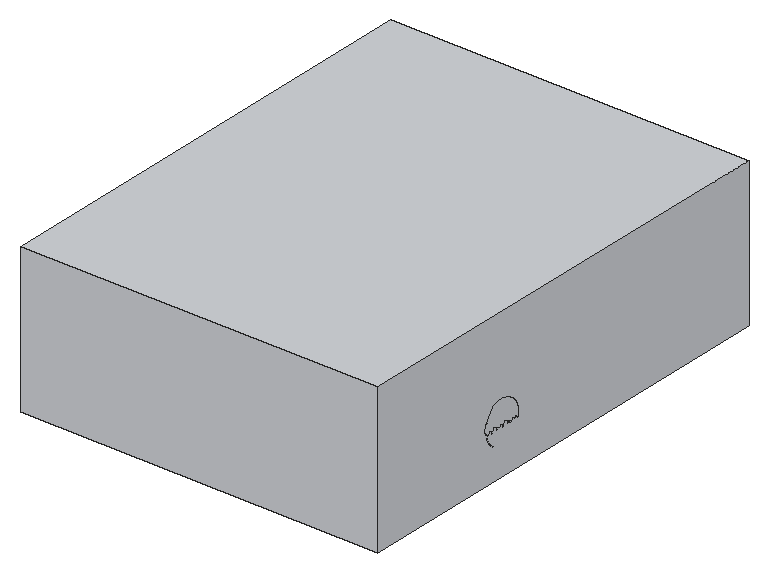
Revit family "PRD_AR_ShwrMxrs_BasicInstallationKitForShower_F3BX2001", category Plumbing Fixtures, host Face, Revit 2018
Family settings
  Host = Face
  Round Connector Dimension = Use Diameter
  Part Type = Normal
  OmniClass Number = 23.45.05.14.99
  OmniClass Title = Other Sanitary Washing Plumbing Fixtures
  Cut with Voids When Loaded = No
  Shared = Yes
  Room Calculation Point = No
Parameters (values of type "F3BX2001 - with mixing unit")
  WorkingPressure = "n/a"
  WaterSupplyTemperatureMaximum = "n/a"
  WarrantyStartDate [instance] = "1900-12-31T23:59:59"
  WarrantyGuarantorParts = "n/a"
  WarrantyGuarantorLabor = "n/a"
  WarrantyDurationUnit = "year"
  WarrantyDurationParts = "n/a"
  WarrantyDurationLabor = "n/a"
  WarrantyDescription = "n/a"
  Version = "1"
  ValvePattern = "n/a"
  ValveOperation = "Other"
  ValveMechanism = "Other"
  Uniclass2015Version = "Products v1.7"
  Uniclass2015Title = "Shower manual water supply sets"
  Uniclass2015Code = "Pr_40_20_87_78"
  URL = "www.kwc.com"
  TypeOfMounting = "In-Wall-Installation-With-Box"
  TypeOfMixing = "with thermostat / mixer"
  TestPressure = "0"
  TagNumber [instance] = "n/a"
  SustainabilityPerformance = "n/a"
  Standards = "n/a"
  Size = 15.00 mm
  Shape = "n/a"
  SerialNumber [instance] = "n/a"
  Revision = "n/a"
  ReplacementCost = "n/a"
  ProductInformation = "https://pim.kwc.com/product/2030036141/attachment/datasheet?locale=en"
  OverallDepth = 80.00 mm
  OutletConnectionSize = 12.70 mm
  OperatingMechanismMaterial = "n/a"
  NominalWidth = 174.00 mm
  NominalLength = 0.00 mm
  NominalHeight = 225.00 mm
  NetWeight = 1.14 kg
  Name = "F3 Basic installation kit for shower F3BX2001"
  NBSTypeID = "n/a"
  NBSReference = "45-35-70/335"
  NBSOfficeMasterTag = "n/a"
  NBSNote = "n/a"
  NBSDescription = "Shower mixers"
  NBSCertification = "n/a"
  ModelReference = "F3BX2001"
  ModelNumber = "2030036141"
  Model = ModelReference  # "F3BX2001"
  MixerControl = "Other"
  MaterialsFinishAndColour = "n/a"
  MaterialsBody = "Plastic"
  Material = "Plastic"
  ManufacturerURL = "www.kwc.com"
  ManufacturerName = "KWC Group AG"  # constant formula
  Manufacturer = ManufacturerName  # "KWC Group AG"
  IntegralAccessories = "n/a"
  InstallationDate [instance] = "1900-12-31T23:59:59"
  InstalationKitMaterial = none
  IfcExportType = "MIXING"
  IfcExportAs = "IfcValveType"
  GrossWeight = 1.20 kg
  Grade = "n/a"
  Form = "n/a"
  FlowRateMaximum = "n/a"
  FlowCoefficient = "0"
  Finish = "n/a"
  Features = "n/a"
  ExpectedLife = "n/a"
  DurationUnit = "year"
  DiameterNominal = 15.00 mm
  Description = "R3 basic installation kit for in-wall mounting of finished installation kits DN 15 with mixing unit, for shower facilities. For connection to hot and cold water. KWC system box made of plastic, 174 x 225 mm, with connection screws, shell protection, flush connector for flushing, and leak test."
  Default Elevation = 1000.00 mm
  Constituents = "n/a"
  Color = "n/a"
  CodePerformance = "n/a"
  CloseOffRating = "0"
  Category = "Pr_40_20_87_78, Shower manual water supply sets"
  BodyMaterial = "Plastic"
  BarCode [instance] = "n/a"
  BIMObjectName = "PRD_AR_ShowerManualWaterSupplySets_BasicInstallationKitForShower_F3BX2001"
  Author = "Archispace"  # constant formula
  AssetType = "Fixed"
  AssetIdentifier [instance] = "n/a"
  AccessibilityPerformance = "n/a"
Reference planes
  plane 1 "Center (Front/Back)": y = 0
  plane 2: z = 0
  plane 3 "Center (Left/Right)": x = 0
Forms (mm)
  Extrusion 1, void
    sketch origin (0, 0, 0) x (1, 0, 0) y (0, 1, 0)
      loop
        line (-87, -112.5) -> (87, -112.5) -> (87, 112.5) -> (-87, 112.5) -> (-87, -112.5)
    from 0 to -72
  Extrusion 2, solid, material <- "InstalationKitMaterial"
    sketch origin (0, 0, 0) x (1, 0, 0) y (0, 1, 0)
      loop
        line (-87, 112.5) -> (-87, -112.5) -> (87, -112.5) -> (87, 112.5) -> (-87, 112.5)
    from 0 to -72
  Extrusion 3, solid, detail levels medium+fine
    sketch origin (0, 0, 0) x (1, 0, 0) y (0, 0, 1)
      loop
        circle (0, -48) r 10
    from -112.5 to 37.5
  Extrusion 4, solid, detail levels medium+fine
    sketch origin (0, 0, 0) x (0, 1, 0) y (0, 0, 1)
      loop
        circle (-37.5, -48) r 10
    from -87 to 87
Cuts and joins
  joined: Extrusion 3, Extrusion 4
Dimensions and locks
  aligned and locked: plane 2 to host face
  aligned and locked: level to host face
Connectors
  piping at (-87, -37.5, -48), diameter 15, driven by "DiameterNominal"
    settings: on cut or joined group of Extrusion 3, Extrusion 4, index 3, connector inside diameter 609.60 mm, connector length 0.00 mm, flow factor 0, pipe flow 0.0 L/s, pressure drop 0.0 Pa, fitting loss kfactor 0, connector angle 0.00°, fixture units 0, engagement length 0.00 mm, angle of deflection 0.00°, flow configuration 2, flow direction 1, fitting loss method 0, system type 19, joint type 0, gender type 0, connector reference index -1, connector utility 0, adjustable connector no, is connector primary yes, connector description ""
  piping at (87, -37.5, -48), diameter 15, driven by "DiameterNominal"
    settings: on cut or joined group of Extrusion 3, Extrusion 4, index 4, connector inside diameter 609.60 mm, connector length 0.00 mm, flow factor 0, pipe flow 0.0 L/s, pressure drop 0.0 Pa, fitting loss kfactor 0, connector angle 0.00°, fixture units 0, engagement length 0.00 mm, angle of deflection 0.00°, flow configuration 2, flow direction 1, fitting loss method 0, system type 20, joint type 0, gender type 0, connector reference index -1, connector utility 0, adjustable connector no, is connector primary no, connector description ""
